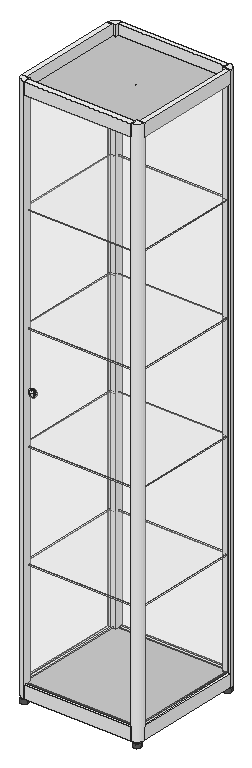
Revit family "Magnuson-Pictor-Showcase", category Furniture, Revit 2014
Parameters (values of type "VA040")
  Width = 15 3/4"
  URL = "https://magnusongroup.com/products.html"
  Type Comments = "PICTOR SHOWCASES"  # constant formula
  Shelf Finish = MAG - Glass
  Shelf Depth = Depth - 1 1/4"  # 14 1/2"
  Shelf Array Dist = (Height - 2 23/64" - 1 37/64" + 3/16") / (# of Shelf + 1)  # 13.5875"
  Light Finish = MAG - Plastic Black
  Light Dist = if(Depth > 20", Depth / 4, Depth / 2)  # 7 7/8"
  Light Array Dist = if(Depth > 20", Depth / 2, 0")  # 0"
  Handle Finish = MAG - Powdercoat White
  Frame Finish = MAG - Powdercoat White
  Salvage or Reuse = yes
  Percentage of Recycled Content = 0
  Model = "VA040"
  Manufacturer = "MAGNUSON GROUP"  # constant formula
  Low Emitting Material = yes
  Low Emitting Finish = yes
  Keynote = "12500"
  Height = 71 11/16"
  Top Finish = MAG - Aluminum
  Description = "15\"W X 15\"D Showcase"
  Depth = 15 3/4"
  Glides Finish = MAG - Plastic Black
  Chasis Finish = MAG - Glass
  Bottom Finish = MAG - Aluminum
  Back Handle = if(Depth > 25", 2 > 1, 1 > 2)  # no
  Assembly Code = "E2020200"
  # of Shelf = 4
Types (6): name | Width | Shelf Depth | Light Dist | Light Array Dist | Model | Description | Depth | Back Handle
  (no name) | 15 3/4" | 14 1/2" | 7 7/8" | 0" | "VA040" | "15\"W X 15\"D Showcase" | 15 3/4" | no
  VA040 | 15 3/4" | 14 1/2" | 7 7/8" | 0" | "VA040" | "15\"W X 15\"D Showcase" | 15 3/4" | no
  VA050 | 19 11/16" | 18 7/16" | 9 27/32" | 0" | "VA050" | "15\"W X 20\"D Showcase" | 19 11/16" | no
  VA060 | 15 3/4" | 22 3/8" | 5 29/32" | 11 13/16" | "VA060" | "15\"W X 31\"D Showcase" | 23 5/8" | no
  VA080 | 15 3/4" | 30 1/4" | 7 7/8" | 15 3/4" | "VA080" | "15\"W X 31\"D Showcase" | 31 1/2" | yes
  VA0100 | 15 3/4" | 38 1/8" | 9 27/32" | 19 11/16" | "VA0100" | "15\"W X 40\"D Showcase" | 39 3/8" | yes
Reference planes (in)
  plane 1 "Center Front/Back": y = 0
  plane 2: z = 0
  plane 3 "Center Left/Right": x = 0
  plane 4: x = 15.75
  plane 5: y = -15.75
  plane 6: x = 0.625
  plane 7: x = 15.125
  plane 8: y = -15.125
  plane 9: y = -0.625
  plane 10: x = 1
  plane 11: y = -1
  plane 12: x = 14.75
  plane 13: y = -14.75
  plane 14: z = 0.78125
  plane 15: z = 0.4375
  plane 16: z = 2.35937
  plane 17: z = 71.6875
  plane 18: z = 70.10937
  plane 19: x = 0.17188
  plane 20: x = 15.57813
  plane 21: y = -15.57812
  plane 22: x = 0.35938
  plane 23: y = -15.39063
  plane 24: x = 15.39063
  plane 25: y = -0.625
  plane 26: z = 70.42187
  plane 27: z = 2.04687
  plane 28: z = 36.23437
  plane 29: x = 2.10938
  plane 30: x = 7.875
  plane 31: y = -7.875
  plane 32: y = -0.17187
  plane 33: y = -0.35937
  plane 34: y = -7.875
  plane 35: z = 70.26562
  plane 36: y = -7.875
  plane 37: z = 15.75937
  plane 38: z = 15.94687
  plane 39: z = 29.34687
  plane 40: z = 29.53437
  plane 41: z = 42.93437
  plane 42: z = 43.12187
  plane 43: z = 56.52187
  plane 44: z = 56.70937
Forms (in)
  Extrusion 1, solid, material "MAG - Powdercoat White" <- "Frame Finish"
    sketch origin (0, 0, 0) x (1, 0, 0) y (0, 1, 0)
      loop
        line (1, -1) -> (1, 0)
        arc (1, 0) -> (0.29289, -0.29289) -> (0, -1) r 1
        line (0, -1) -> (1, -1)
    from 0.78125 to 71.6875
  Extrusion 2, solid, material "MAG - Powdercoat White" <- "Frame Finish"
    sketch origin (0, 0, 0) x (1, 0, 0) y (0, 1, 0)
      loop
        line (14.75, 0) -> (14.75, -1) -> (15.75, -1)
        arc (15.75, -1) -> (15.45711, -0.29289) -> (14.75, 0) r 1
    from 0.78125 to 71.6875
  Extrusion 3, solid, material "MAG - Powdercoat White" <- "Frame Finish"
    sketch origin (0, 0, 0) x (1, 0, 0) y (0, 1, 0)
      loop
        line (1, -14.75) -> (0, -14.75)
        arc (0, -14.75) -> (0.29289, -15.45711) -> (1, -15.75) r 1
        line (1, -15.75) -> (1, -14.75)
    from 0.78125 to 71.6875
  Extrusion 4, solid, material "MAG - Powdercoat White" <- "Frame Finish"
    sketch origin (0, 0, 0) x (1, 0, 0) y (0, 1, 0)
      loop
        line (14.75, -14.75) -> (14.75, -15.75)
        arc (14.75, -15.75) -> (15.45711, -15.45711) -> (15.75, -14.75) r 1
        line (15.75, -14.75) -> (14.75, -14.75)
    from 0.78125 to 71.6875
  Extrusion 5, solid, material "MAG - Powdercoat White" <- "Frame Finish"
    sketch origin (0, 0, 0) x (1, 0, 0) y (0, 1, 0)
      loop
        line (1, 0) -> (1, -0.625) -> (14.75, -0.625) -> (14.75, 0) -> (1, 0)
    from 0.78125 to 2.35937
  Extrusion 6, solid, material "MAG - Powdercoat White" <- "Frame Finish"
    sketch origin (0, 0, 0) x (1, 0, 0) y (0, 1, 0)
      loop
        line (0, -1) -> (0, -14.75) -> (0.625, -14.75) -> (0.625, -1) -> (0, -1)
    from 0.78125 to 2.35937
  Extrusion 7, solid, material "MAG - Powdercoat White" <- "Frame Finish"
    sketch origin (0, 0, 0) x (1, 0, 0) y (0, 1, 0)
      loop
        line (15.125, -1) -> (15.125, -14.75) -> (15.75, -14.75) -> (15.75, -1) -> (15.125, -1)
    from 0.78125 to 2.35937
  Extrusion 8, solid, material "MAG - Powdercoat White" <- "Frame Finish"
    sketch origin (0, 0, 0) x (1, 0, 0) y (0, 1, 0)
      loop
        line (14.75, -15.125) -> (1, -15.125) -> (1, -15.75) -> (14.75, -15.75) -> (14.75, -15.125)
    from 0.78125 to 2.35937
  Extrusion 9, solid, material "MAG - Powdercoat White" <- "Frame Finish"
    sketch origin (0, 0, 0) x (1, 0, 0) y (0, 1, 0)
      loop
        line (14.75, 0) -> (1, 0) -> (1, -0.625) -> (14.75, -0.625) -> (14.75, 0)
    from 70.10938 to 71.6875
  Extrusion 10, solid, material "MAG - Powdercoat White" <- "Frame Finish"
    sketch origin (0, 0, 0) x (1, 0, 0) y (0, 1, 0)
      loop
        line (15.125, -1) -> (15.125, -14.75) -> (15.75, -14.75) -> (15.75, -1) -> (15.125, -1)
    from 70.10938 to 71.6875
  Extrusion 11, solid, material "MAG - Powdercoat White" <- "Frame Finish"
    sketch origin (0, 0, 0) x (1, 0, 0) y (0, 1, 0)
      loop
        line (14.75, -15.125) -> (1, -15.125) -> (1, -15.75) -> (14.75, -15.75) -> (14.75, -15.125)
    from 70.10938 to 71.6875
  Extrusion 12, solid, material "MAG - Powdercoat White" <- "Frame Finish"
    sketch origin (0, 0, 0) x (1, 0, 0) y (0, 1, 0)
      loop
        line (0.625, -14.75) -> (0.625, -1) -> (0, -1) -> (0, -14.75) -> (0.625, -14.75)
    from 70.10938 to 71.6875
  Extrusion 13, solid, material "MAG - Glass" <- "Chasis Finish"
    sketch origin (0, 0, 0) x (1, 0, 0) y (0, 1, 0)
      loop
        line (14.75, -0.17187) -> (1, -0.17187) -> (1, -0.35937) -> (14.75, -0.35937) -> (14.75, -0.17187)
    from 2.35937 to 70.07812
  Extrusion 14, solid, material "MAG - Glass" <- "Chasis Finish"
    sketch origin (0, 0, 0) x (1, 0, 0) y (0, 1, 0)
      loop
        line (15.39063, -1) -> (15.39063, -14.75) -> (15.57813, -14.75) -> (15.57813, -1) -> (15.39063, -1)
    from 2.35937 to 70.10938
  Extrusion 15, solid, material "MAG - Glass" <- "Chasis Finish"
    sketch origin (0, 0, 0) x (1, 0, 0) y (0, 1, 0)
      loop
        line (0.17188, -1) -> (0.17188, -14.75) -> (0.35938, -14.75) -> (0.35938, -1) -> (0.17188, -1)
    from 2.35937 to 70.10938
  Extrusion 16, solid, material "MAG - Glass" <- "Chasis Finish"
    sketch origin (0, 0, 0) x (1, 0, 0) y (0, 1, 0)
      loop
        line (14.75, -15.39062) -> (1, -15.39062) -> (1, -15.57812) -> (14.75, -15.57812) -> (14.75, -15.39062)
    from 2.35937 to 70.10938
  Extrusion 17, solid, material "MAG - Aluminum" <- "Bottom Finish"
    sketch origin (0, 0, 0) x (1, 0, 0) y (0, 1, 0)
      loop
        line (15.125, -1) -> (14.75, -1) -> (14.75, -0.625) -> (1, -0.625) -> (1, -1) -> (0.625, -1) -> (0.625, -14.75) -> (1, -14.75) -> (1, -15.125) -> (14.75, -15.125) -> (14.75, -14.75) -> (15.125, -14.75) -> (15.125, -1)
    from 2.04687 to 2.35937
  Extrusion 18, solid, material "MAG - Aluminum" <- "Top Finish"
    sketch origin (0, 0, 0) x (1, 0, 0) y (0, 1, 0)
      loop
        line (14.75, -0.625) -> (1, -0.625) -> (1, -1) -> (0.625, -1) -> (0.625, -14.75) -> (1, -14.75) -> (1, -15.125) -> (14.75, -15.125) -> (14.75, -14.75) -> (15.125, -14.75) -> (15.125, -1) -> (14.75, -1) -> (14.75, -0.625)
    from 70.10938 to 70.42188
  Revolve 19, solid, material "MAG - Plastic Black" <- "Glides Finish"
    sketch origin (60, -0.625, 48) x (1, 0, 0) y (0, 0, 1)
      loop
        line (-59.375, -47.21875) -> (-59.375, -48) -> (-58.92187, -48) -> (-58.92187, -47.5625) -> (-59.21875, -47.5625) -> (-59.21875, -47.21875) -> (-59.375, -47.21875)
      axis (-59.375, -47.21875) -> (-59.375, -48)
    angle from 0 to 360
  Revolve 20, solid, material "MAG - Plastic Black" <- "Glides Finish"
    sketch origin (60, -0.625, 48) x (1, 0, 0) y (0, 0, 1)
      loop
        line (-44.875, -47.21875) -> (-44.875, -48) -> (-44.42187, -48) -> (-44.42187, -47.5625) -> (-44.71875, -47.5625) -> (-44.71875, -47.21875) -> (-44.875, -47.21875)
      axis (-44.875, -47.21875) -> (-44.875, -48)
    angle from 0 to 360
  Revolve 21, solid, material "MAG - Plastic Black" <- "Glides Finish"
    sketch origin (60, -15.125, 48) x (1, 0, 0) y (0, 0, 1)
      loop
        line (-59.375, -47.21875) -> (-59.375, -48) -> (-58.92187, -48) -> (-58.92187, -47.5625) -> (-59.21875, -47.5625) -> (-59.21875, -47.21875) -> (-59.375, -47.21875)
      axis (-59.375, -47.21875) -> (-59.375, -48)
    angle from 0 to 360
  Revolve 22, solid, material "MAG - Plastic Black" <- "Glides Finish"
    sketch origin (60, -15.125, 48) x (1, 0, 0) y (0, 0, 1)
      loop
        line (-44.875, -47.21875) -> (-44.875, -48) -> (-44.42187, -48) -> (-44.42187, -47.5625) -> (-44.71875, -47.5625) -> (-44.71875, -47.21875) -> (-44.875, -47.21875)
      axis (-44.875, -47.21875) -> (-44.875, -48)
    angle from 0 to 360
  Revolve 23, solid, material "MAG - Powdercoat White" <- "Handle Finish"
    sketch origin (-60.54339, -180, 36.23437) x (-1, 0, 0) y (0, -1, 0)
      loop
        line (-62.65277, -164.42188) -> (-62.65277, -164.15825)
        arc (-62.65277, -164.15825) -> (-62.82892, -164.17269) -> (-62.99652, -164.22878) r 0.73467
        line (-62.99652, -164.22878) -> (-62.99652, -164.29688) -> (-63.12152, -164.29688) -> (-63.12152, -164.42188) -> (-62.65277, -164.42188)
      axis (-62.65277, -164.42188) -> (-62.65277, -164.15825)
    angle from 0 to 360
  Revolve 24, solid, material "MAG - Powdercoat White" <- "Handle Finish", visible <- "Back Handle"
    sketch origin (-60.54339, 164.51563, 36.23437) x (-1, 0, 0) y (0, -1, 0)
      loop
        line (-62.65277, 164.6875) -> (-63.12152, 164.6875) -> (-63.12152, 164.5625) -> (-62.99652, 164.5625) -> (-62.99652, 164.49441)
        arc (-62.99652, 164.49441) -> (-62.82892, 164.43832) -> (-62.65277, 164.42387) r 0.73467
        line (-62.65277, 164.42387) -> (-62.65277, 164.6875)
      axis (-62.65277, 164.42387) -> (-62.65277, 164.6875)
    angle from 0 to 360
  Extrusion 25, void
    sketch origin (-60.54339, -180, 36.23437) x (-1, 0, 0) y (0, -1, 0)
      loop
        circle (-68.41839, -172.125) r 1
    from 33.875 to 34.03125
  Extrusion 26, solid, material "MAG - Plastic Black" <- "Light Finish"
    sketch origin (-60.54339, -179.25, 36.23437) x (-1, 0, 0) y (0, -1, 0)
      loop
        circle (-68.41839, -171.375) r 1
      loop
        circle (-68.41839, -171.375) r 0.57813
    from 33.875 to 34.03125
  Extrusion 27, solid, material "MAG - Plastic Black" <- "Light Finish"
    sketch origin (-60.54339, -182, 36.23437) x (-1, 0, 0) y (0, -1, 0)
      loop
        circle (-68.41839, -174.125) r 1
      loop
        circle (-68.41839, -174.125) r 0.57813
    from 33.85938 to 34.01563
  Extrusion 28, solid, material "MAG - Glass" <- "Shelf Finish"
    sketch origin (-60.54339, -180, 36.23437) x (-1, 0, 0) y (0, -1, 0)
      loop
        line (-75.29339, -179.375) -> (-61.54339, -179.375) -> (-61.54339, -179) -> (-60.90277, -179) -> (-60.90277, -165.25) -> (-61.54339, -165.25) -> (-61.54339, -164.875) -> (-75.29339, -164.875) -> (-75.29339, -165.25) -> (-75.93402, -165.25) -> (-75.93402, -179) -> (-75.29339, -179) -> (-75.29339, -179.375)
    from -20.475 to -20.2875
  Extrusion 29, solid, material "MAG - Glass" <- "Shelf Finish"
    sketch origin (-60.54339, -180, 36.23437) x (-1, 0, 0) y (0, -1, 0)
      loop
        line (-60.90277, -179) -> (-60.90277, -165.25) -> (-61.54339, -165.25) -> (-61.54339, -164.875) -> (-75.29339, -164.875) -> (-75.29339, -165.25) -> (-75.93402, -165.25) -> (-75.93402, -179) -> (-75.29339, -179) -> (-75.29339, -179.375) -> (-61.54339, -179.375) -> (-61.54339, -179) -> (-60.90277, -179)
    from -6.8875 to -6.7
  Extrusion 30, solid, material "MAG - Glass" <- "Shelf Finish"
    sketch origin (-60.54339, -180, 36.23437) x (-1, 0, 0) y (0, -1, 0)
      loop
        line (-60.90277, -179) -> (-60.90277, -165.25) -> (-61.54339, -165.25) -> (-61.54339, -164.875) -> (-75.29339, -164.875) -> (-75.29339, -165.25) -> (-75.93402, -165.25) -> (-75.93402, -179) -> (-75.29339, -179) -> (-75.29339, -179.375) -> (-61.54339, -179.375) -> (-61.54339, -179) -> (-60.90277, -179)
    from 6.7 to 6.8875
  Extrusion 31, solid, material "MAG - Glass" <- "Shelf Finish"
    sketch origin (-60.54339, -180, 36.23437) x (-1, 0, 0) y (0, -1, 0)
      loop
        line (-60.90277, -179) -> (-60.90277, -165.25) -> (-61.54339, -165.25) -> (-61.54339, -164.875) -> (-75.29339, -164.875) -> (-75.29339, -165.25) -> (-75.93402, -165.25) -> (-75.93402, -179) -> (-75.29339, -179) -> (-75.29339, -179.375) -> (-61.54339, -179.375) -> (-61.54339, -179) -> (-60.90277, -179)
    from 20.2875 to 20.475
Cuts and joins
  Extrusion 25 cuts Extrusion 18
Lines and regions (in)
  symbolic lines
    curve 1: line (14.75, 0, 36.23437) -> (1, 0, 36.23437)
    curve 2: line (15.75, -1, 36.23437) -> (15.75, -14.75, 36.23437)
    curve 3: line (0, -1, 36.23437) -> (0, -14.75, 36.23437)
    curve 4: line (14.75, -15.75, 36.23437) -> (1, -15.75, 36.23437)
    curve 5: arc (0, -14.75, 36.23437) -> (0.29289, -15.45711, 36.23437) -> (1, -15.75, 36.23437) r 1
    curve 6: arc (14.75, -15.75, 36.23437) -> (15.45711, -15.45711, 36.23437) -> (15.75, -14.75, 36.23437) r 1
    curve 7: arc (15.75, -1, 36.23437) -> (15.45711, -0.29289, 36.23437) -> (14.75, 0, 36.23437) r 1
    curve 8: arc (0, -1, 36.23437) -> (0.29289, -0.29289, 36.23437) -> (1, 0, 36.23437) r 1
    curve 9: line (14.75, -0.625, 36.23437) -> (1, -0.625, 36.23437)
    curve 10: line (1, -0.625, 36.23437) -> (1, -1, 36.23437)
    curve 11: line (1, -1, 36.23437) -> (0.625, -1, 36.23437)
    curve 12: line (0.625, -1, 36.23437) -> (0.625, -14.75, 36.23437)
    curve 13: line (0.625, -14.75, 36.23437) -> (1, -14.75, 36.23437)
    curve 14: line (1, -14.75, 36.23437) -> (1, -15.125, 36.23437)
    curve 15: line (1, -15.125, 36.23437) -> (14.75, -15.125, 36.23437)
    curve 16: line (14.75, -15.125, 36.23437) -> (14.75, -14.75, 36.23437)
    curve 17: line (14.75, -14.75, 36.23437) -> (15.125, -14.75, 36.23437)
    curve 18: line (15.125, -14.75, 36.23437) -> (15.125, -1, 36.23437)
    curve 19: line (15.125, -1, 36.23437) -> (14.75, -1, 36.23437)
    curve 20: line (14.75, -1, 36.23437) -> (14.75, -0.625, 36.23437)
Dimensions and locks (in)
  plane 3 "Center Left/Right" to plane 19 to plane 22 to plane 6 to plane 10 = 11/64" locked, 3/16" locked, 17/64" locked, 3/8" locked
  plane 12 to plane 7 to plane 24 to plane 20 to plane 4 = 3/8" locked, 17/64" locked, 3/16" locked, 11/64" locked
  plane 5 to plane 21 to plane 23 to plane 8 to plane 13 = 11/64" locked, 3/16" locked, 17/64" locked, 3/8" locked
  plane 17 to plane 26 to plane 18 = 1 17/64" locked, 5/16" locked
  plane 16 to plane 27 to plane 14 to plane 15 to plane 2 = 5/16" locked, 1 17/64" locked, 11/32" locked, 7/16" locked
  "Height": plane 17 to plane 2
  "Width": plane 3 "Center Left/Right" to plane 4
  "Depth": plane 5 to plane 1 "Center Front/Back"
  equal spacing: plane 18, plane 28, plane 16
  Revolve 19 sketch curve to Revolve 19 sketch curve to Revolve 19 sketch curve = 5/32" locked, 19/64" locked
  Revolve 20 sketch curve to Revolve 20 sketch curve to Revolve 20 sketch curve = 5/32" locked, 19/64" locked
  Revolve 22 sketch curve to Revolve 22 sketch curve to Revolve 22 sketch curve = 5/32" locked, 19/64" locked
  Revolve 23 sketch curve to Revolve 23 sketch curve to Revolve 23 sketch curve = 11/32" locked, 1/8" locked
  Revolve 23 sketch curve to Revolve 23 sketch curve to Revolve 23 sketch curve to Revolve 23 sketch curve = 1/8" locked, 0.06809" locked, 0.07053" locked
  equal spacing: plane 3 "Center Left/Right", plane 30, plane 4
  equal spacing: plane 5, plane 31, plane 1 "Center Front/Back"
  plane 11 to plane 25 to plane 33 to plane 32 to plane 1 "Center Front/Back" = 3/8" locked, 17/64" locked, 3/16" locked, 11/64" locked
  Revolve 24 sketch curve to Revolve 24 sketch curve to Revolve 24 sketch curve to Revolve 24 sketch curve = 0.07053" locked, 0.06809" locked, 1/8" locked
  plane 29 to Revolve 24 sketch curve to Revolve 24 sketch curve = 11/32" locked, 1/8" locked
  locked: plane 35 to plane 18 at 0.15625
  Extrusion 26 sketch curve to Extrusion 26 sketch curve to plane 34 = 27/64" locked, 37/64" locked
  Extrusion 27 sketch curve to Extrusion 27 sketch curve to plane 36 = 27/64" locked, 37/64" locked
  "Light Array Dist": plane 36 to plane 34
  "Light Dist": plane 34 to plane 1 "Center Front/Back"
  locked: plane 38 to plane 37 at 0.1875
  locked: plane 40 to plane 39 at 0.1875
  locked: plane 42 to plane 41 at 0.1875
  locked: plane 44 to plane 43 at 0.1875
  "Shelf Array Dist": plane 38 to plane 16
  "Shelf Array Dist": plane 40 to plane 38
  "Shelf Array Dist": plane 42 to plane 40
  "Shelf Array Dist": plane 44 to plane 42
  radius of Extrusion 1 sketch curve = 1"
  radius of Extrusion 2 sketch curve = 1"
  radius of Extrusion 3 sketch curve = 1"
  radius of Extrusion 4 sketch curve = 1"
  radius of Revolve 23 sketch curve = 0.73467"
  radius of Revolve 24 sketch curve = 0.73467"
  radius of curve 5 = 1"
  radius of curve 6 = 1"
  radius of curve 7 = 1"
  radius of curve 8 = 1"
  radius of Extrusion 25 sketch curve = 1"
  radius of Extrusion 26 sketch curve = 1"
  radius of Extrusion 26 sketch curve = 37/64"
  radius of Extrusion 27 sketch curve = 1"
  radius of Extrusion 27 sketch curve = 37/64"
  aligned and locked: level to plane 2
  aligned and locked: Extrusion 1 sketch curve to plane 11
  aligned and locked: Extrusion 1 sketch curve to plane 10
  aligned and locked: Extrusion 2 sketch curve to plane 12
  aligned and locked: Extrusion 2 sketch curve to plane 11
  aligned and locked: Extrusion 3 sketch curve to plane 13
  aligned and locked: Extrusion 3 sketch curve to plane 10
  aligned and locked: Extrusion 4 sketch curve to plane 12
  aligned and locked: Extrusion 4 sketch curve to plane 13
  aligned and locked: Extrusion 1 to plane 14
  aligned and locked: Extrusion 3 to plane 14
  aligned and locked: Extrusion 2 to plane 14
  aligned and locked: Extrusion 4 to plane 14
  aligned and locked: plane 17 to Extrusion 3
  aligned and locked: plane 17 to Extrusion 4
  aligned and locked: plane 17 to Extrusion 2
  aligned and locked: plane 17 to Extrusion 1
  aligned and locked: Extrusion 5 sketch curve to plane 10
  aligned and locked: Extrusion 5 sketch curve to plane 12
  aligned and locked: Extrusion 5 sketch curve to plane 9
  aligned and locked: Extrusion 5 sketch curve to plane 1 "Center Front/Back"
  aligned and locked: Extrusion 6 sketch curve to plane 3 "Center Left/Right"
  aligned and locked: Extrusion 6 sketch curve to plane 6
  aligned and locked: Extrusion 6 sketch curve to plane 11
  aligned and locked: Extrusion 6 sketch curve to plane 13
  aligned and locked: Extrusion 7 sketch curve to plane 7
  aligned and locked: Extrusion 7 sketch curve to plane 4
  aligned and locked: Extrusion 7 sketch curve to plane 11
  aligned and locked: Extrusion 7 sketch curve to plane 13
  aligned and locked: Extrusion 8 sketch curve to plane 8
  aligned and locked: Extrusion 8 sketch curve to plane 5
  aligned and locked: Extrusion 8 sketch curve to plane 10
  aligned and locked: Extrusion 8 sketch curve to plane 12
  aligned and locked: Extrusion 8 to plane 14
  aligned and locked: Extrusion 5 to plane 14
  aligned and locked: Extrusion 6 to plane 14
  aligned and locked: Extrusion 7 to plane 14
  aligned and locked: plane 16 to Extrusion 8
  aligned and locked: plane 16 to Extrusion 5
  aligned and locked: plane 16 to Extrusion 7
  aligned and locked: plane 16 to Extrusion 6
  aligned and locked: Extrusion 9 sketch curve to Extrusion 5  (x4)
  aligned and locked: Extrusion 10 sketch curve to Extrusion 7  (x4)
  aligned and locked: Extrusion 11 sketch curve to Extrusion 8  (x4)
  aligned and locked: Extrusion 12 sketch curve to Extrusion 6  (x4)
  aligned and locked: plane 17 to Extrusion 9
  aligned and locked: plane 17 to Extrusion 11
  aligned and locked: Extrusion 9 to plane 18
  aligned and locked: Extrusion 11 to plane 18
  aligned and locked: plane 17 to Extrusion 12
  aligned and locked: Extrusion 12 to plane 18
  aligned and locked: plane 17 to Extrusion 10
  aligned and locked: Extrusion 10 to plane 18
  aligned and locked: Extrusion 13 sketch curve to plane 10
  aligned and locked: Extrusion 13 sketch curve to plane 12
  aligned and locked: Extrusion 14 sketch curve to plane 24
  aligned and locked: Extrusion 14 sketch curve to plane 20
  aligned and locked: Extrusion 14 sketch curve to plane 11
  aligned and locked: Extrusion 14 sketch curve to plane 13
  aligned and locked: Extrusion 15 sketch curve to plane 19
  aligned and locked: Extrusion 15 sketch curve to plane 22
  aligned and locked: Extrusion 15 sketch curve to plane 11
  aligned and locked: Extrusion 15 sketch curve to plane 13
  aligned and locked: Extrusion 16 sketch curve to plane 23
  aligned and locked: Extrusion 16 sketch curve to plane 21
  aligned and locked: Extrusion 16 sketch curve to plane 10
  aligned and locked: Extrusion 16 sketch curve to plane 12
  aligned and locked: plane 18 to Extrusion 16
  aligned and locked: Extrusion 16 to plane 16
  aligned and locked: Extrusion 14 to plane 16
  aligned and locked: Extrusion 15 to plane 16
  aligned and locked: plane 18 to Extrusion 14
  aligned and locked: plane 18 to Extrusion 15
  aligned and locked: Extrusion 17 sketch curve to plane 11
  aligned and locked: Extrusion 17 sketch curve to plane 10
  aligned and locked: Extrusion 17 sketch curve to plane 12
  aligned and locked: Extrusion 17 sketch curve to plane 13
  aligned and locked: Extrusion 17 to plane 27
  aligned and locked: plane 16 to Extrusion 17
  aligned and locked: Extrusion 18 sketch curve to Extrusion 17  (x12)
  aligned and locked: plane 26 to Extrusion 18
  aligned and locked: Extrusion 18 to plane 18
  aligned and locked: Revolve 19 sketch curve to plane 15
  aligned and locked: Revolve 19 sketch curve to plane 2
  aligned and locked: Revolve 19 sketch curve to plane 14
  aligned and locked: Revolve 19 sketch curve to plane 6  (x2)
  aligned and locked: Revolve 20 sketch curve to plane 7  (x2)
  aligned and locked: Revolve 20 sketch curve to plane 14
  aligned and locked: Revolve 20 sketch curve to plane 15
  aligned and locked: Revolve 20 sketch curve to plane 2
  aligned and locked: Revolve 21 sketch curve to plane 6  (x2)
  aligned and locked: Revolve 21 sketch curve to plane 14
  aligned and locked: Revolve 21 sketch curve to plane 15
  aligned and locked: Revolve 21 sketch curve to level
  aligned and locked: Revolve 22 sketch curve to plane 7  (x2)
  aligned and locked: Revolve 22 sketch curve to plane 14
  aligned and locked: Revolve 22 sketch curve to plane 15
  aligned and locked: Revolve 22 sketch curve to plane 2
  aligned and locked: Revolve 23 sketch curve to plane 29  (x2)
  aligned and locked: Revolve 23 sketch curve to plane 21
  aligned and locked: plane 33 to Extrusion 13
  aligned and locked: plane 29 to Revolve 24 sketch curve
  aligned and locked: Revolve 24 sketch curve to plane 32
  aligned and locked: Revolve 24 sketch curve to plane 29
  aligned and locked: curve 1 to plane 1 "Center Front/Back"
  aligned and locked: curve 2 to plane 4
  aligned and locked: curve 3 to plane 3 "Center Left/Right"
  aligned and locked: curve 4 to plane 5
  aligned and locked: curve 9 to Extrusion 18
  aligned and locked: curve 10 to Extrusion 18
  aligned and locked: curve 11 to Extrusion 18
  aligned and locked: curve 12 to Extrusion 18
  aligned and locked: curve 13 to Extrusion 18
  aligned and locked: curve 14 to Extrusion 18
  aligned and locked: curve 15 to Extrusion 18
  aligned and locked: curve 16 to Extrusion 18
  aligned and locked: curve 17 to Extrusion 18
  aligned and locked: curve 18 to Extrusion 18
  aligned and locked: curve 19 to Extrusion 18
  aligned and locked: curve 20 to Extrusion 18
  aligned and locked: plane 35 to Extrusion 25
  aligned and locked: Extrusion 25 to plane 18
  aligned and locked: plane 35 to Extrusion 26
  aligned and locked: Extrusion 26 to plane 18
  aligned and locked: Extrusion 28 sketch curve to plane 25
  aligned and locked: Extrusion 28 sketch curve to plane 8
  aligned and locked: Extrusion 28 sketch curve to plane 24
  aligned and locked: Extrusion 28 sketch curve to plane 22
  aligned and locked: Extrusion 28 sketch curve to plane 10  (x2)
  aligned and locked: Extrusion 28 sketch curve to plane 13  (x2)
  aligned and locked: Extrusion 28 sketch curve to plane 12  (x2)
  aligned and locked: Extrusion 28 sketch curve to plane 11  (x2)
  aligned and locked: Extrusion 28 to plane 37
  aligned and locked: plane 38 to Extrusion 28
  aligned and locked: Extrusion 29 sketch curve to Extrusion 28  (x12)
  aligned and locked: Extrusion 30 sketch curve to Extrusion 29  (x12)
  aligned and locked: Extrusion 31 sketch curve to Extrusion 30  (x12)
  aligned and locked: plane 44 to Extrusion 31
  aligned and locked: Extrusion 31 to plane 43
  aligned and locked: plane 42 to Extrusion 30
  aligned and locked: Extrusion 30 to plane 41
  aligned and locked: plane 40 to Extrusion 29
  aligned and locked: Extrusion 29 to plane 39
Automatic sketch dimensions
  Revolve 23 sketch curve to plane 1 "Center Front/Back" = 36.73742"
  Revolve 23 sketch curve to Revolve 23 sketch curve = 26.67838"
  Revolve 24 sketch curve to Revolve 24 sketch curve = 36.64567"
  plane 5 to Revolve 24 sketch curve = 26.77013"
  Extrusion 25 sketch curve to plane 30 = 0"
  plane 34 to Extrusion 25 sketch curve = 0"
  Extrusion 26 sketch curve to Extrusion 26 sketch curve = 0"
  Extrusion 26 sketch curve to plane 30 = 0"
  Extrusion 27 sketch curve to Extrusion 27 sketch curve = 0"
  Extrusion 27 sketch curve to plane 30 = 0"
  Extrusion 7 sketch curve to plane 7 = 0"
  plane 33 to Extrusion 13 sketch curve = 0"
  plane 32 to Extrusion 13 sketch curve = 0"
  Extrusion 17 sketch curve to plane 6 = 0"
  Extrusion 17 sketch curve to plane 10 = 0"
  plane 8 to Extrusion 17 sketch curve = 0"
  Extrusion 17 sketch curve to plane 12 = 0"
  Extrusion 17 sketch curve to plane 7 = 0"
  plane 13 to Extrusion 17 sketch curve = 0"
  plane 11 to Extrusion 17 sketch curve = 0"
  plane 9 to Extrusion 17 sketch curve = 0"
  Revolve 19 sketch curve to level = 12"
  plane 17 to Revolve 19 sketch curve = 24 11/32"
  Revolve 20 sketch curve to level = 12"
  plane 17 to Revolve 20 sketch curve = 24 11/32"
  plane 6 to Revolve 21 sketch curve = 5/32"
  plane 10 to Revolve 21 sketch curve = 5/64"
  Revolve 21 sketch curve to Revolve 21 sketch curve = 12"
  plane 17 to Revolve 21 sketch curve = 24 11/32"
  Revolve 22 sketch curve to level = 12"
  plane 17 to Revolve 22 sketch curve = 24 11/32"
